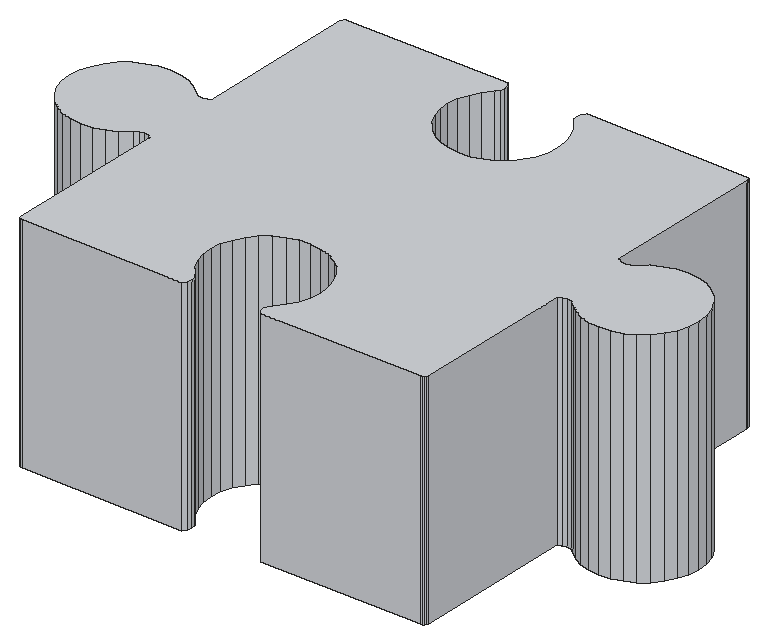
Revit family "BuzziPuzzle", category Furniture, Revit 2013
Parameters
  BuzziRough = none
  BuzziFabric = none
Reference planes (cm)
  plane 1 "Center Front/Back": y = 0
  plane 2: z = 0
  plane 3 "Center Left/Right": x = 0
  plane 4: x = -11.6519
  plane 5: x = 73.3481
  plane 6: y = 71.4787
  plane 7: y = 16.4787
Forms (cm)
  Extrusion 1, solid, material <- "BuzziRough"
    sketch origin (0, 0, 0) x (1, 0, 0) y (0, 1, 0)
      loop
        line (57.7481, 71.303) -> (36.1514, 71.303) -> (35.8147, 70.799) -> (35.6965, 70.2046) -> (35.8147, 69.6102) -> (36.1514, 69.1063) -> (37.0842, 67.9697) -> (37.7772, 66.6731) -> (38.204, 65.2661) -> (38.3481, 63.803) -> (38.204, 62.3398) -> (37.7772, 60.9328) -> (37.0842, 59.6362) -> (36.1514, 58.4997) -> (35.0149, 57.5669) -> (33.7183, 56.8739) -> (32.3113, 56.4471) -> (30.8481, 56.303) -> (29.385, 56.4471) -> (27.978, 56.8739) -> (26.6814, 57.5669) -> (25.5448, 58.4997) -> (24.6121, 59.6362) -> (23.919, 60.9328) -> (23.4922, 62.3398) -> (23.3481, 63.803) -> (23.4922, 65.2661) -> (23.919, 66.6731) -> (24.6121, 67.9697) -> (25.5448, 69.1063) -> (25.8815, 69.6102) -> (25.9998, 70.2046) -> (25.8815, 70.799) -> (25.5448, 71.303) -> (3.9481, 71.303) -> (3.7185, 71.2573) -> (3.5239, 71.1272) -> (3.3938, 70.9326) -> (3.3481, 70.703) -> (3.3481, 49.1063) -> (2.8442, 48.7696) -> (2.2498, 48.6513) -> (1.6554, 48.7696) -> (1.1514, 49.1063) -> (0.0149, 50.039) -> (-1.2817, 50.7321) -> (-2.6887, 51.1589) -> (-4.1519, 51.303) -> (-5.615, 51.1589) -> (-7.022, 50.7321) -> (-8.3186, 50.039) -> (-9.4552, 49.1063) -> (-10.3879, 47.9697) -> (-11.081, 46.6731) -> (-11.5078, 45.2661) -> (-11.6519, 43.803) -> (-11.5078, 42.3398) -> (-11.081, 40.9328) -> (-10.3879, 39.6362) -> (-9.4552, 38.4997) -> (-8.3186, 37.5669) -> (-7.022, 36.8739) -> (-5.615, 36.4471) -> (-4.1519, 36.303) -> (-2.6887, 36.4471) -> (-1.2817, 36.8739) -> (0.0149, 37.5669) -> (1.1514, 38.4997) -> (1.6554, 38.8364) -> (2.2498, 38.9546) -> (2.8442, 38.8364) -> (3.3481, 38.4997) -> (3.3481, 16.903) -> (3.3938, 16.6734) -> (3.5239, 16.4787) -> (3.7185, 16.3486) -> (3.9481, 16.303) -> (25.5448, 16.303) -> (25.8815, 16.8069) -> (25.9998, 17.4013) -> (25.8815, 17.9957) -> (25.5448, 18.4997) -> (24.6121, 19.6362) -> (23.919, 20.9328) -> (23.4922, 22.3398) -> (23.3481, 23.803) -> (23.4922, 25.2661) -> (23.919, 26.6731) -> (24.6121, 27.9697) -> (25.5448, 29.1063) -> (26.6814, 30.039) -> (27.978, 30.7321) -> (29.385, 31.1589) -> (30.8481, 31.303) -> (32.3113, 31.1589) -> (33.7183, 30.7321) -> (35.0149, 30.039) -> (36.1514, 29.1063) -> (37.0842, 27.9697) -> (37.7772, 26.6731) -> (38.204, 25.2661) -> (38.3481, 23.803) -> (38.204, 22.3398) -> (37.7772, 20.9328) -> (37.0842, 19.6362) -> (36.1514, 18.4997) -> (35.8147, 17.9957) -> (35.6965, 17.4013) -> (35.8147, 16.8069) -> (36.1514, 16.303) -> (57.7481, 16.303) -> (57.9777, 16.3486) -> (58.1724, 16.4787) -> (58.3025, 16.6734) -> (58.3481, 16.903) -> (58.3481, 38.4997) -> (58.8521, 38.8364) -> (59.4465, 38.9546) -> (60.0409, 38.8364) -> (60.5448, 38.4997) -> (61.6814, 37.5669) -> (62.978, 36.8739) -> (64.385, 36.4471) -> (65.8481, 36.303) -> (67.3113, 36.4471) -> (68.7183, 36.8739) -> (70.0149, 37.5669) -> (71.1514, 38.4997) -> (72.0842, 39.6362) -> (72.7772, 40.9328) -> (73.204, 42.3398) -> (73.3481, 43.803) -> (73.204, 45.2661) -> (72.7772, 46.6731) -> (72.0842, 47.9697) -> (71.1514, 49.1063) -> (70.0149, 50.039) -> (68.7183, 50.7321) -> (67.3113, 51.1589) -> (65.8481, 51.303) -> (64.385, 51.1589) -> (62.978, 50.7321) -> (61.6814, 50.039) -> (60.5448, 49.1063) -> (60.0409, 48.7696) -> (59.4465, 48.6513) -> (58.8521, 48.7696) -> (58.3481, 49.1063) -> (58.3481, 70.703) -> (58.3025, 70.9326) -> (58.1724, 71.1272) -> (57.9777, 71.2573) -> (57.7481, 71.303)
    from 0 to 30
Dimensions and locks (cm)
  aligned and locked: level to plane 2
